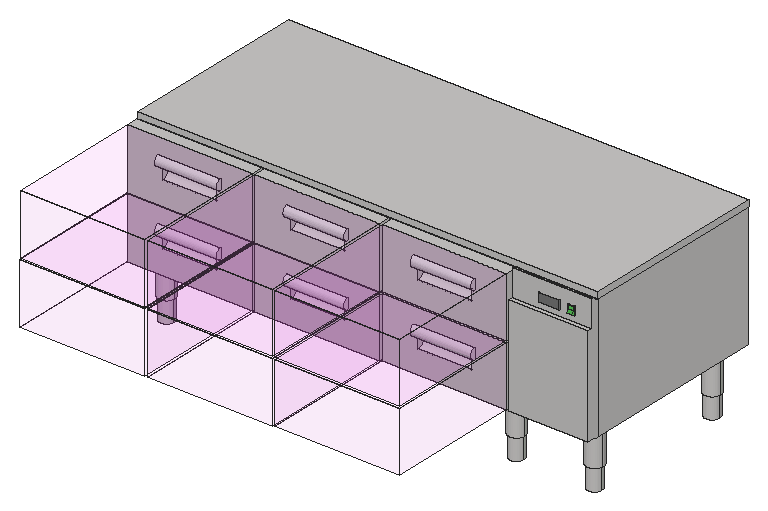
Revit family "QF_ZANUSSI_372296_Z7TTBECOMKN", category Specialty Equipment, Revit 2021
Family settings
  Round Connector Dimension = Use Diameter
  Part Type = Normal
  Work Plane-Based = No
  Always vertical = Yes
  Cut with Voids When Loaded = No
  Shared = No
  Room Calculation Point = No
Parameters (values of type "Standard")
  Weight = 110.00 kg
  Watts = 0 W
  Volts = 220 V
  URL Manufacturer = "http://www.zanussiprofessional.com"
  URL = "http://www.zanussiprofessional.com"
  Steam Supply Size = 0 mm
  Steam Supply Minimum Pressure = 0.0 Pa
  Steam Supply Maximum Pressure = 0.0 Pa
  Steam Pounds per Hour = 0
  Show Clearance [instance] = yes
  Refrigeration Suction Line Size = 0 mm
  Refrigeration Liquid Line Size = 0 mm
  Refrigerant Compressor Remote = yes
  Manufacturer = "Zanussi"
  Phase = 1
  Model = "Z7TTBECOMKN"
  Length Actual = 1600 mm
  Item Number = "372296"
  Hot Water Size = 0 mm
  Height Actual = 600 mm
  HP = "0.5 HP"
  Gas Size = 0 mm
  Gas KW = 0
  Gas Input Pressure = 0 W
  Direct Waste Size = 0 mm
  Description = "REFRIGERATED BASE WITH 6 DRAWERS 1600MM - R290"
  Depth Actual = 700 mm
  Default Elevation = 0 mm
  Cycle = 50 Hz
  Condensate Return Size = 0 mm
  Compressed Air Volume = 0.0 L/s
  Compressed Air Size = 0 mm
  Compressed Air Pressure = 0.0 Pa
  Cold Water Size = 0 mm
  Accessory = no
Reference planes
  plane 1 "Center X": y = -65.55
  plane 2: z = 0
  plane 3 "Centro (Sinistra/Destra)": x = -200
  plane 4: y = -315.05
  plane 5: y = 194.95
  plane 6 "BACK": y = 282.95
  plane 7 "FRONT": y = -414.05
  plane 8: y = -881.83
  plane 9: x = -944
  plane 10: x = 544
  plane 11: y = -369.551
  plane 12: z = 200
  plane 13 "TOP": z = 630
  plane 14 "LEFT": x = -1000
  plane 15 "RIGHT": x = 600
  plane 16: x = 272
Forms (mm)
  Extrusion 1, solid, material "QF_Finishes_Stainless Steel"
    sketch origin (-1022.223, -1524, 200) x (-1, 0, 0) y (0, -1, 0)
      loop
        line (-23.223, -1806.95) -> (-23.223, -1154.449) -> (-1621.223, -1154.449) -> (-1621.223, -1806.95) -> (-23.223, -1806.95)
    from 0 to 430
  Extrusion 2, solid, material "QF_Finishes_Stainless Steel"
    sketch origin (-1022.223, -1524, 200) x (-1, 0, 0) y (0, -1, 0)
      loop
        circle (-1581.223, -1646.95) r 12
    from -10 to 0
  Extrusion 3, solid, material "QF_Finishes_Stainless Steel"
    sketch origin (-599, 0, -5) x (0, 1, 0) y (0, 0, 1)
      loop
        line (-369.551, 635) -> (282.95, 635) -> (282.95, 655) -> (-369.551, 655) -> (-369.551, 635)
    from 1198 to -400
  Extrusion 4, solid, material "QF_Finishes_Stainless Steel"
    sketch origin (599, 0, 0) x (0, 1, 0) y (0, 0, 1)
      loop
        line (-369.551, 629.527) -> (-386.314, 640.994) -> (-397.65, 640.994) -> (-397.65, 549.796) -> (-414.05, 549.796) -> (-414.05, 204.796) -> (-384.714, 204.796) -> (-374.993, 200) -> (-369.551, 200) -> (-369.551, 629.527)
    from 0 to -275
  Extrusion 5, solid, material "QF_Finishes_Black"
    sketch origin (605.8, -397.65, 630.994) x (0, 0, -1) y (1, 0, 0)
      loop
        line (32.198, -86.899) -> (61.199, -86.899) -> (61.199, -64.9) -> (32.198, -64.9) -> (32.198, -86.899)
    from 0 to 1.6
  Extrusion 6, solid, material "QF_Finishes_Grey"
    sketch origin (627, -397.65, 630.994) x (0, 0, -1) y (1, 0, 0)
      loop
        line (32.198, -210.099) -> (61.199, -210.099) -> (61.199, -140.099) -> (32.198, -140.099) -> (32.198, -210.099)
    from 0 to 1.6
  Extrusion 7, solid, material "QF_Finishes_Green"
    sketch origin (540.9, -397.65, 598.796) x (0, 0, -1) y (0, 1, 0)
      loop
        line (2.279, -3.281) -> (14.5, -3.281) -> (25.308, -8.985)
        arc (25.308, -8.985) -> (26.537, -5.394) -> (26.605, -1.6) r 12.221
        line (26.605, -1.6) -> (2.395, -1.6)
        arc (2.395, -1.6) -> (2.308, -2.439) -> (2.279, -3.281) r 12.221
    from -20 to -2
  Extrusion 8, solid, material "QF_Finishes_Handrails and Railings"
    sketch origin (-798.028, -157.946, 1924.198) x (0, 0.885087, 0.465426) y (0, -0.465426, 0.885087)
      loop
        arc (-854.629, -1074.965) -> (-878.641, -1082.427) -> (-871.18, -1106.439) r 17.78
        line (-871.18, -1106.439) -> (-854.629, -1074.965)
    from -93.472 to 121.528
  Extrusion 9, solid, material "QF_Finishes_Stainless Steel"
    sketch origin (-998.053, 285.95, 14.715) x (0, 1, 0) y (0, 0, 1)
      loop
        line (-700, 486.991) -> (-660.001, 486.991) -> (-660.001, 530.285) -> (-678.147, 530.285) -> (-678.147, 511.464)
        arc (-678.147, 511.464) -> (-684.405, 495.059) -> (-700, 486.991) r 24.63
    from 118.753 to 309.354
  Extrusion 10, solid, material "QF_Finishes_Handrails and Railings"
    sketch origin (-356.028, -157.946, 1924.198) x (0, 0.885087, 0.465426) y (0, -0.465426, 0.885087)
      loop
        arc (-854.629, -1074.965) -> (-878.641, -1082.427) -> (-871.18, -1106.439) r 17.78
        line (-871.18, -1106.439) -> (-854.629, -1074.965)
    from -89.472 to 121.528
  Extrusion 11, solid, material "QF_Finishes_Stainless Steel"
    sketch origin (-556.053, 285.95, 14.715) x (0, 1, 0) y (0, 0, 1)
      loop
        line (-700, 486.991) -> (-660.001, 486.991) -> (-660.001, 530.285) -> (-678.147, 530.285) -> (-678.147, 511.464)
        arc (-678.147, 511.464) -> (-684.405, 495.059) -> (-700, 486.991) r 24.63
    from 122.753 to 309.354
  Extrusion 12, solid, material "QF_Finishes_Stainless Steel"
    sketch origin (-404, -414.05, 0) x (-1, 0, 0) y (0, 0, 1)
      loop
        line (595, 629.2) -> (160.999, 629.2) -> (160.999, 418.503) -> (595, 418.503) -> (595, 629.2)
      loop
        line (153, 629.2) -> (-281, 629.2) -> (-281, 418.9) -> (153, 418.9) -> (153, 629.2)
      loop
        line (475.3, 501.706) -> (475.3, 545) -> (284.699, 545) -> (284.699, 501.706) -> (475.3, 501.706)
      loop
        line (29.3, 501.706) -> (29.3, 545) -> (-157.301, 545) -> (-157.301, 501.706) -> (29.3, 501.706)
      loop
        line (-288.999, 629.2) -> (-722.999, 629.2) -> (-722.999, 418.9) -> (-288.999, 418.9) -> (-288.999, 629.2)
      loop
        line (-412.699, 501.706) -> (-412.699, 545) -> (-599.3, 545) -> (-599.3, 501.706) -> (-412.699, 501.706)
    from 0 to 40
  Extrusion 13, solid, material "QF_Finishes_Handrails and Railings"
    sketch origin (-798.028, -157.946, 1709.198) x (0, 0.885087, 0.465426) y (0, -0.465426, 0.885087)
      loop
        arc (-854.629, -1074.965) -> (-878.641, -1082.427) -> (-871.18, -1106.439) r 17.78
        line (-871.18, -1106.439) -> (-854.629, -1074.965)
    from -93.472 to 121.528
  Extrusion 14, solid, material "QF_Finishes_Stainless Steel"
    sketch origin (-998.053, 285.95, -200.285) x (0, 1, 0) y (0, 0, 1)
      loop
        line (-700, 486.991) -> (-660.001, 486.991) -> (-660.001, 530.285) -> (-678.147, 530.285) -> (-678.147, 511.464)
        arc (-678.147, 511.464) -> (-684.405, 495.059) -> (-700, 486.991) r 24.63
    from 118.753 to 309.354
  Extrusion 15, solid, material "QF_Finishes_Handrails and Railings"
    sketch origin (-356.028, -157.946, 1709.198) x (0, 0.885087, 0.465426) y (0, -0.465426, 0.885087)
      loop
        arc (-854.629, -1074.965) -> (-878.641, -1082.427) -> (-871.18, -1106.439) r 17.78
        line (-871.18, -1106.439) -> (-854.629, -1074.965)
    from -89.472 to 121.528
  Extrusion 16, solid, material "QF_Finishes_Stainless Steel"
    sketch origin (-556.053, 285.95, -200.285) x (0, 1, 0) y (0, 0, 1)
      loop
        line (-700, 486.991) -> (-660.001, 486.991) -> (-660.001, 530.285) -> (-678.147, 530.285) -> (-678.147, 511.464)
        arc (-678.147, 511.464) -> (-684.405, 495.059) -> (-700, 486.991) r 24.63
    from 122.753 to 309.354
  Extrusion 17, solid, material "QF_Door-Drawer Clearances", visible <- "Show Clearance"
    sketch origin (-204, -414.05, -215) x (1, 0, 0) y (0, 0, 1)
      loop
        line (-795, 629.2) -> (-795, 418.503) -> (-360.999, 418.503) -> (-360.999, 629.2) -> (-795, 629.2)
      loop
        line (-353, 629.2) -> (-353, 418.9) -> (81, 418.9) -> (81, 629.2) -> (-353, 629.2)
      loop
        line (88.999, 629.2) -> (88.999, 418.9) -> (522.999, 418.9) -> (522.999, 629.2) -> (88.999, 629.2)
      loop
        line (-795, 844.2) -> (-795, 633.503) -> (-360.999, 633.503) -> (-360.999, 844.2) -> (-795, 844.2)
      loop
        line (-353, 844.2) -> (-353, 633.9) -> (81, 633.9) -> (81, 844.2) -> (-353, 844.2)
      loop
        line (88.999, 844.2) -> (88.999, 633.9) -> (522.999, 633.9) -> (522.999, 844.2) -> (88.999, 844.2)
    from 0 to 467.78
  Extrusion 18, solid, material "QF_Finishes_Stainless Steel"
    sketch origin (-404, -414.05, -215) x (-1, 0, 0) y (0, 0, 1)
      loop
        line (595, 629.2) -> (160.999, 629.2) -> (160.999, 418.503) -> (595, 418.503) -> (595, 629.2)
      loop
        line (153, 629.2) -> (-281, 629.2) -> (-281, 418.9) -> (153, 418.9) -> (153, 629.2)
      loop
        line (475.3, 501.706) -> (475.3, 545) -> (284.699, 545) -> (284.699, 501.706) -> (475.3, 501.706)
      loop
        line (29.3, 501.706) -> (29.3, 545) -> (-157.301, 545) -> (-157.301, 501.706) -> (29.3, 501.706)
      loop
        line (-288.999, 629.2) -> (-722.999, 629.2) -> (-722.999, 418.9) -> (-288.999, 418.9) -> (-288.999, 629.2)
      loop
        line (-412.699, 501.706) -> (-412.699, 545) -> (-599.3, 545) -> (-599.3, 501.706) -> (-412.699, 501.706)
    from 0 to 40
  Extrusion 19, solid, material "QF_Finishes_Handrails and Railings"
    sketch origin (85.971, -157.946, 1924.198) x (0, 0.885087, 0.465426) y (0, -0.465426, 0.885087)
      loop
        arc (-854.629, -1074.965) -> (-878.641, -1082.427) -> (-871.18, -1106.439) r 17.78
        line (-871.18, -1106.439) -> (-854.629, -1074.965)
    from -89.472 to 121.528
  Extrusion 20, solid, material "QF_Finishes_Stainless Steel"
    sketch origin (-114.054, 285.95, 14.715) x (0, 1, 0) y (0, 0, 1)
      loop
        line (-700, 486.991) -> (-660.001, 486.991) -> (-660.001, 530.285) -> (-678.147, 530.285) -> (-678.147, 511.464)
        arc (-678.147, 511.464) -> (-684.405, 495.059) -> (-700, 486.991) r 24.63
    from 122.753 to 309.354
  Extrusion 21, solid, material "QF_Finishes_Handrails and Railings"
    sketch origin (85.971, -157.946, 1709.198) x (0, 0.885087, 0.465426) y (0, -0.465426, 0.885087)
      loop
        arc (-854.629, -1074.965) -> (-878.641, -1082.427) -> (-871.18, -1106.439) r 17.78
        line (-871.18, -1106.439) -> (-854.629, -1074.965)
    from -89.472 to 121.528
  Extrusion 22, solid, material "QF_Finishes_Stainless Steel"
    sketch origin (-114.054, 285.95, -200.285) x (0, 1, 0) y (0, 0, 1)
      loop
        line (-700, 486.991) -> (-660.001, 486.991) -> (-660.001, 530.285) -> (-678.147, 530.285) -> (-678.147, 511.464)
        arc (-678.147, 511.464) -> (-684.405, 495.059) -> (-700, 486.991) r 24.63
    from 122.753 to 309.354
Lines and regions (mm)
  Split face 1
    outline origin (627, -399.25, 630.994) x (0, 0, -1) y (1, 0, 0)
      loop
        line (37.198, -200.099) -> (52.198, -200.099) -> (52.198, -150.099) -> (37.198, -150.099) -> (37.198, -200.099)
  Split face 2
    outline origin (627, -399.25, 630.994) x (0, 0, -1) y (1, 0, 0)
      loop
        line (59.151, -200.099) -> (59.151, -189.099) -> (54.151, -189.099) -> (54.151, -200.099) -> (59.151, -200.099)
  Split face 3
    outline origin (627, -399.25, 630.994) x (0, 0, -1) y (1, 0, 0)
      loop
        line (54.151, -187.099) -> (59.151, -187.099) -> (59.151, -176.099) -> (54.151, -176.099) -> (54.151, -187.099)
  Split face 4
    outline origin (640, -399.25, 630.994) x (0, 0, -1) y (1, 0, 0)
      loop
        line (54.151, -187.099) -> (59.151, -187.099) -> (59.151, -176.099) -> (54.151, -176.099) -> (54.151, -187.099)
  Split face 5
    outline origin (653, -399.25, 630.994) x (0, 0, -1) y (1, 0, 0)
      loop
        line (54.151, -187.099) -> (59.151, -187.099) -> (59.151, -176.099) -> (54.151, -176.099) -> (54.151, -187.099)
  Split face 6
    outline origin (304.5, -414.05, 713.499) x (1, 0, 0) y (0, 0, 1)
      loop
        arc (90.48, -282.599) -> (94.5, -278.61) -> (90.5, -274.599) r 4
        line (90.5, -274.599) -> (58.5, -274.599)
        arc (58.5, -274.599) -> (54.5, -278.61) -> (58.521, -282.599) r 4
        line (58.521, -282.599) -> (90.48, -282.599)
  Split face 7
    outline origin (304.5, -414.05, 725.499) x (1, 0, 0) y (0, 0, 1)
      loop
        arc (90.48, -282.599) -> (94.5, -278.61) -> (90.5, -274.599) r 4
        line (90.5, -274.599) -> (58.5, -274.599)
        arc (58.5, -274.599) -> (54.5, -278.61) -> (58.521, -282.599) r 4
        line (58.521, -282.599) -> (90.48, -282.599)
  Split face 8
    outline origin (304.5, -414.05, 737.499) x (1, 0, 0) y (0, 0, 1)
      loop
        arc (90.48, -282.599) -> (94.5, -278.61) -> (90.5, -274.599) r 4
        line (90.5, -274.599) -> (58.5, -274.599)
        arc (58.5, -274.599) -> (54.5, -278.61) -> (58.521, -282.599) r 4
        line (58.521, -282.599) -> (90.48, -282.599)
  Split face 9
    outline origin (304.5, -414.05, 749.396) x (1, 0, 0) y (0, 0, 1)
      loop
        arc (90.48, -282.599) -> (94.5, -278.61) -> (90.5, -274.599) r 4
        line (90.5, -274.599) -> (58.5, -274.599)
        arc (58.5, -274.599) -> (54.5, -278.61) -> (58.521, -282.599) r 4
        line (58.521, -282.599) -> (90.48, -282.599)
  Split face 10
    outline origin (304.5, -414.05, 761.395) x (1, 0, 0) y (0, 0, 1)
      loop
        arc (90.48, -282.599) -> (94.5, -278.61) -> (90.5, -274.599) r 4
        line (90.5, -274.599) -> (58.5, -274.599)
        arc (58.5, -274.599) -> (54.5, -278.61) -> (58.521, -282.599) r 4
        line (58.521, -282.599) -> (90.48, -282.599)
  Split face 11
    outline origin (304.5, -414.05, 773.395) x (1, 0, 0) y (0, 0, 1)
      loop
        arc (90.48, -282.599) -> (94.5, -278.61) -> (90.5, -274.599) r 4
        line (90.5, -274.599) -> (58.5, -274.599)
        arc (58.5, -274.599) -> (54.5, -278.61) -> (58.521, -282.599) r 4
        line (58.521, -282.599) -> (90.48, -282.599)
  Split face 12
    outline origin (304.5, -414.05, 785.395) x (1, 0, 0) y (0, 0, 1)
      loop
        arc (90.48, -282.599) -> (94.5, -278.61) -> (90.5, -274.599) r 4
        line (90.5, -274.599) -> (58.5, -274.599)
        arc (58.5, -274.599) -> (54.5, -278.61) -> (58.521, -282.599) r 4
        line (58.521, -282.599) -> (90.48, -282.599)
  Split face 13
    outline origin (304.5, -414.05, 797.395) x (1, 0, 0) y (0, 0, 1)
      loop
        arc (90.48, -282.599) -> (94.5, -278.61) -> (90.5, -274.599) r 4
        line (90.5, -274.599) -> (58.5, -274.599)
        arc (58.5, -274.599) -> (54.5, -278.61) -> (58.521, -282.599) r 4
        line (58.521, -282.599) -> (90.48, -282.599)
  Split face 14
    outline origin (304.5, -414.05, 809.395) x (1, 0, 0) y (0, 0, 1)
      loop
        arc (90.48, -282.599) -> (94.5, -278.61) -> (90.5, -274.599) r 4
        line (90.5, -274.599) -> (58.5, -274.599)
        arc (58.5, -274.599) -> (54.5, -278.61) -> (58.521, -282.599) r 4
        line (58.521, -282.599) -> (90.48, -282.599)
  Split face 15
    outline origin (304.5, -414.05, 701.499) x (1, 0, 0) y (0, 0, 1)
      loop
        arc (90.48, -282.599) -> (94.5, -278.61) -> (90.5, -274.599) r 4
        line (90.5, -274.599) -> (58.5, -274.599)
        arc (58.5, -274.599) -> (54.5, -278.61) -> (58.521, -282.599) r 4
        line (58.521, -282.599) -> (90.48, -282.599)
  Split face 16
    outline origin (304.5, -414.05, 605.603) x (1, 0, 0) y (0, 0, 1)
      loop
        arc (90.48, -282.599) -> (94.5, -278.61) -> (90.5, -274.599) r 4
        line (90.5, -274.599) -> (58.5, -274.599)
        arc (58.5, -274.599) -> (54.5, -278.61) -> (58.521, -282.599) r 4
        line (58.521, -282.599) -> (90.48, -282.599)
  Split face 17
    outline origin (304.5, -414.05, 617.603) x (1, 0, 0) y (0, 0, 1)
      loop
        arc (90.48, -282.599) -> (94.5, -278.61) -> (90.5, -274.599) r 4
        line (90.5, -274.599) -> (58.5, -274.599)
        arc (58.5, -274.599) -> (54.5, -278.61) -> (58.521, -282.599) r 4
        line (58.521, -282.599) -> (90.48, -282.599)
  Split face 18
    outline origin (304.5, -414.05, 629.602) x (1, 0, 0) y (0, 0, 1)
      loop
        arc (90.48, -282.599) -> (94.5, -278.61) -> (90.5, -274.599) r 4
        line (90.5, -274.599) -> (58.5, -274.599)
        arc (58.5, -274.599) -> (54.5, -278.61) -> (58.521, -282.599) r 4
        line (58.521, -282.599) -> (90.48, -282.599)
  Split face 19
    outline origin (304.5, -414.05, 677.499) x (1, 0, 0) y (0, 0, 1)
      loop
        arc (90.48, -282.599) -> (94.5, -278.61) -> (90.5, -274.599) r 4
        line (90.5, -274.599) -> (58.5, -274.599)
        arc (58.5, -274.599) -> (54.5, -278.61) -> (58.521, -282.599) r 4
        line (58.521, -282.599) -> (90.48, -282.599)
  Split face 20
    outline origin (304.5, -414.05, 689.499) x (1, 0, 0) y (0, 0, 1)
      loop
        arc (90.48, -282.599) -> (94.5, -278.61) -> (90.5, -274.599) r 4
        line (90.5, -274.599) -> (58.5, -274.599)
        arc (58.5, -274.599) -> (54.5, -278.61) -> (58.521, -282.599) r 4
        line (58.521, -282.599) -> (90.48, -282.599)
  Split face 21
    outline origin (304.5, -414.05, 593.603) x (1, 0, 0) y (0, 0, 1)
      loop
        arc (90.48, -282.599) -> (94.5, -278.61) -> (90.5, -274.599) r 4
        line (90.5, -274.599) -> (58.5, -274.599)
        arc (58.5, -274.599) -> (54.5, -278.61) -> (58.521, -282.599) r 4
        line (58.521, -282.599) -> (90.48, -282.599)
  Split face 22
    outline origin (304.5, -414.05, 497.707) x (1, 0, 0) y (0, 0, 1)
      loop
        arc (90.48, -282.599) -> (94.5, -278.61) -> (90.5, -274.599) r 4
        line (90.5, -274.599) -> (58.5, -274.599)
        arc (58.5, -274.599) -> (54.5, -278.61) -> (58.521, -282.599) r 4
        line (58.521, -282.599) -> (90.48, -282.599)
  Split face 23
    outline origin (304.5, -414.05, 509.707) x (1, 0, 0) y (0, 0, 1)
      loop
        arc (90.48, -282.599) -> (94.5, -278.61) -> (90.5, -274.599) r 4
        line (90.5, -274.599) -> (58.5, -274.599)
        arc (58.5, -274.599) -> (54.5, -278.61) -> (58.521, -282.599) r 4
        line (58.521, -282.599) -> (90.48, -282.599)
  Split face 24
    outline origin (304.5, -414.05, 521.706) x (1, 0, 0) y (0, 0, 1)
      loop
        arc (90.48, -282.599) -> (94.5, -278.61) -> (90.5, -274.599) r 4
        line (90.5, -274.599) -> (58.5, -274.599)
        arc (58.5, -274.599) -> (54.5, -278.61) -> (58.521, -282.599) r 4
        line (58.521, -282.599) -> (90.48, -282.599)
  Split face 25
    outline origin (304.5, -414.05, 533.604) x (1, 0, 0) y (0, 0, 1)
      loop
        arc (90.48, -282.599) -> (94.5, -278.61) -> (90.5, -274.599) r 4
        line (90.5, -274.599) -> (58.5, -274.599)
        arc (58.5, -274.599) -> (54.5, -278.61) -> (58.521, -282.599) r 4
        line (58.521, -282.599) -> (90.48, -282.599)
  Split face 26
    outline origin (304.5, -414.05, 545.603) x (1, 0, 0) y (0, 0, 1)
      loop
        arc (90.48, -282.599) -> (94.5, -278.61) -> (90.5, -274.599) r 4
        line (90.5, -274.599) -> (58.5, -274.599)
        arc (58.5, -274.599) -> (54.5, -278.61) -> (58.521, -282.599) r 4
        line (58.521, -282.599) -> (90.48, -282.599)
  Split face 27
    outline origin (304.5, -414.05, 557.603) x (1, 0, 0) y (0, 0, 1)
      loop
        arc (90.48, -282.599) -> (94.5, -278.61) -> (90.5, -274.599) r 4
        line (90.5, -274.599) -> (58.5, -274.599)
        arc (58.5, -274.599) -> (54.5, -278.61) -> (58.521, -282.599) r 4
        line (58.521, -282.599) -> (90.48, -282.599)
  Split face 28
    outline origin (304.5, -414.05, 569.603) x (1, 0, 0) y (0, 0, 1)
      loop
        arc (90.48, -282.599) -> (94.5, -278.61) -> (90.5, -274.599) r 4
        line (90.5, -274.599) -> (58.5, -274.599)
        arc (58.5, -274.599) -> (54.5, -278.61) -> (58.521, -282.599) r 4
        line (58.521, -282.599) -> (90.48, -282.599)
  Split face 29
    outline origin (304.5, -414.05, 581.603) x (1, 0, 0) y (0, 0, 1)
      loop
        arc (90.48, -282.599) -> (94.5, -278.61) -> (90.5, -274.599) r 4
        line (90.5, -274.599) -> (58.5, -274.599)
        arc (58.5, -274.599) -> (54.5, -278.61) -> (58.521, -282.599) r 4
        line (58.521, -282.599) -> (90.48, -282.599)
  Split face 30
    outline origin (359.5, -414.05, 713.499) x (1, 0, 0) y (0, 0, 1)
      loop
        arc (90.48, -282.599) -> (94.5, -278.61) -> (90.5, -274.599) r 4
        line (90.5, -274.599) -> (58.5, -274.599)
        arc (58.5, -274.599) -> (54.5, -278.61) -> (58.521, -282.599) r 4
        line (58.521, -282.599) -> (90.48, -282.599)
  Split face 31
    outline origin (359.5, -414.05, 725.499) x (1, 0, 0) y (0, 0, 1)
      loop
        arc (90.48, -282.599) -> (94.5, -278.61) -> (90.5, -274.599) r 4
        line (90.5, -274.599) -> (58.5, -274.599)
        arc (58.5, -274.599) -> (54.5, -278.61) -> (58.521, -282.599) r 4
        line (58.521, -282.599) -> (90.48, -282.599)
  Split face 32
    outline origin (359.5, -414.05, 737.499) x (1, 0, 0) y (0, 0, 1)
      loop
        arc (90.48, -282.599) -> (94.5, -278.61) -> (90.5, -274.599) r 4
        line (90.5, -274.599) -> (58.5, -274.599)
        arc (58.5, -274.599) -> (54.5, -278.61) -> (58.521, -282.599) r 4
        line (58.521, -282.599) -> (90.48, -282.599)
  Split face 33
    outline origin (359.5, -414.05, 749.396) x (1, 0, 0) y (0, 0, 1)
      loop
        arc (90.48, -282.599) -> (94.5, -278.61) -> (90.5, -274.599) r 4
        line (90.5, -274.599) -> (58.5, -274.599)
        arc (58.5, -274.599) -> (54.5, -278.61) -> (58.521, -282.599) r 4
        line (58.521, -282.599) -> (90.48, -282.599)
  Split face 34
    outline origin (359.5, -414.05, 761.395) x (1, 0, 0) y (0, 0, 1)
      loop
        arc (90.48, -282.599) -> (94.5, -278.61) -> (90.5, -274.599) r 4
        line (90.5, -274.599) -> (58.5, -274.599)
        arc (58.5, -274.599) -> (54.5, -278.61) -> (58.521, -282.599) r 4
        line (58.521, -282.599) -> (90.48, -282.599)
  Split face 35
    outline origin (359.5, -414.05, 773.395) x (1, 0, 0) y (0, 0, 1)
      loop
        arc (90.48, -282.599) -> (94.5, -278.61) -> (90.5, -274.599) r 4
        line (90.5, -274.599) -> (58.5, -274.599)
        arc (58.5, -274.599) -> (54.5, -278.61) -> (58.521, -282.599) r 4
        line (58.521, -282.599) -> (90.48, -282.599)
  Split face 36
    outline origin (359.5, -414.05, 785.395) x (1, 0, 0) y (0, 0, 1)
      loop
        arc (90.48, -282.599) -> (94.5, -278.61) -> (90.5, -274.599) r 4
        line (90.5, -274.599) -> (58.5, -274.599)
        arc (58.5, -274.599) -> (54.5, -278.61) -> (58.521, -282.599) r 4
        line (58.521, -282.599) -> (90.48, -282.599)
  Split face 37
    outline origin (359.5, -414.05, 797.395) x (1, 0, 0) y (0, 0, 1)
      loop
        arc (90.48, -282.599) -> (94.5, -278.61) -> (90.5, -274.599) r 4
        line (90.5, -274.599) -> (58.5, -274.599)
        arc (58.5, -274.599) -> (54.5, -278.61) -> (58.521, -282.599) r 4
        line (58.521, -282.599) -> (90.48, -282.599)
  Split face 38
    outline origin (359.5, -414.05, 809.395) x (1, 0, 0) y (0, 0, 1)
      loop
        arc (90.48, -282.599) -> (94.5, -278.61) -> (90.5, -274.599) r 4
        line (90.5, -274.599) -> (58.5, -274.599)
        arc (58.5, -274.599) -> (54.5, -278.61) -> (58.521, -282.599) r 4
        line (58.521, -282.599) -> (90.48, -282.599)
  Split face 39
    outline origin (359.5, -414.05, 701.499) x (1, 0, 0) y (0, 0, 1)
      loop
        arc (90.48, -282.599) -> (94.5, -278.61) -> (90.5, -274.599) r 4
        line (90.5, -274.599) -> (58.5, -274.599)
        arc (58.5, -274.599) -> (54.5, -278.61) -> (58.521, -282.599) r 4
        line (58.521, -282.599) -> (90.48, -282.599)
  Split face 40
    outline origin (359.5, -414.05, 605.603) x (1, 0, 0) y (0, 0, 1)
      loop
        arc (90.48, -282.599) -> (94.5, -278.61) -> (90.5, -274.599) r 4
        line (90.5, -274.599) -> (58.5, -274.599)
        arc (58.5, -274.599) -> (54.5, -278.61) -> (58.521, -282.599) r 4
        line (58.521, -282.599) -> (90.48, -282.599)
  Split face 41
    outline origin (359.5, -414.05, 617.603) x (1, 0, 0) y (0, 0, 1)
      loop
        arc (90.48, -282.599) -> (94.5, -278.61) -> (90.5, -274.599) r 4
        line (90.5, -274.599) -> (58.5, -274.599)
        arc (58.5, -274.599) -> (54.5, -278.61) -> (58.521, -282.599) r 4
        line (58.521, -282.599) -> (90.48, -282.599)
  Split face 42
    outline origin (359.5, -414.05, 629.602) x (1, 0, 0) y (0, 0, 1)
      loop
        arc (90.48, -282.599) -> (94.5, -278.61) -> (90.5, -274.599) r 4
        line (90.5, -274.599) -> (58.5, -274.599)
        arc (58.5, -274.599) -> (54.5, -278.61) -> (58.521, -282.599) r 4
        line (58.521, -282.599) -> (90.48, -282.599)
  Split face 43
    outline origin (359.5, -414.05, 677.499) x (1, 0, 0) y (0, 0, 1)
      loop
        arc (90.48, -282.599) -> (94.5, -278.61) -> (90.5, -274.599) r 4
        line (90.5, -274.599) -> (58.5, -274.599)
        arc (58.5, -274.599) -> (54.5, -278.61) -> (58.521, -282.599) r 4
        line (58.521, -282.599) -> (90.48, -282.599)
  Split face 44
    outline origin (359.5, -414.05, 689.499) x (1, 0, 0) y (0, 0, 1)
      loop
        arc (90.48, -282.599) -> (94.5, -278.61) -> (90.5, -274.599) r 4
        line (90.5, -274.599) -> (58.5, -274.599)
        arc (58.5, -274.599) -> (54.5, -278.61) -> (58.521, -282.599) r 4
        line (58.521, -282.599) -> (90.48, -282.599)
  Split face 45
    outline origin (359.5, -414.05, 593.603) x (1, 0, 0) y (0, 0, 1)
      loop
        arc (90.48, -282.599) -> (94.5, -278.61) -> (90.5, -274.599) r 4
        line (90.5, -274.599) -> (58.5, -274.599)
        arc (58.5, -274.599) -> (54.5, -278.61) -> (58.521, -282.599) r 4
        line (58.521, -282.599) -> (90.48, -282.599)
  Split face 46
    outline origin (359.5, -414.05, 497.707) x (1, 0, 0) y (0, 0, 1)
      loop
        arc (90.48, -282.599) -> (94.5, -278.61) -> (90.5, -274.599) r 4
        line (90.5, -274.599) -> (58.5, -274.599)
        arc (58.5, -274.599) -> (54.5, -278.61) -> (58.521, -282.599) r 4
        line (58.521, -282.599) -> (90.48, -282.599)
  Split face 47
    outline origin (359.5, -414.05, 509.707) x (1, 0, 0) y (0, 0, 1)
      loop
        arc (90.48, -282.599) -> (94.5, -278.61) -> (90.5, -274.599) r 4
        line (90.5, -274.599) -> (58.5, -274.599)
        arc (58.5, -274.599) -> (54.5, -278.61) -> (58.521, -282.599) r 4
        line (58.521, -282.599) -> (90.48, -282.599)
  Split face 48
    outline origin (359.5, -414.05, 521.706) x (1, 0, 0) y (0, 0, 1)
      loop
        arc (90.48, -282.599) -> (94.5, -278.61) -> (90.5, -274.599) r 4
        line (90.5, -274.599) -> (58.5, -274.599)
        arc (58.5, -274.599) -> (54.5, -278.61) -> (58.521, -282.599) r 4
        line (58.521, -282.599) -> (90.48, -282.599)
  Split face 49
    outline origin (359.5, -414.05, 533.604) x (1, 0, 0) y (0, 0, 1)
      loop
        arc (90.48, -282.599) -> (94.5, -278.61) -> (90.5, -274.599) r 4
        line (90.5, -274.599) -> (58.5, -274.599)
        arc (58.5, -274.599) -> (54.5, -278.61) -> (58.521, -282.599) r 4
        line (58.521, -282.599) -> (90.48, -282.599)
  Split face 50
    outline origin (359.5, -414.05, 545.603) x (1, 0, 0) y (0, 0, 1)
      loop
        arc (90.48, -282.599) -> (94.5, -278.61) -> (90.5, -274.599) r 4
        line (90.5, -274.599) -> (58.5, -274.599)
        arc (58.5, -274.599) -> (54.5, -278.61) -> (58.521, -282.599) r 4
        line (58.521, -282.599) -> (90.48, -282.599)
  Split face 51
    outline origin (359.5, -414.05, 557.603) x (1, 0, 0) y (0, 0, 1)
      loop
        arc (90.48, -282.599) -> (94.5, -278.61) -> (90.5, -274.599) r 4
        line (90.5, -274.599) -> (58.5, -274.599)
        arc (58.5, -274.599) -> (54.5, -278.61) -> (58.521, -282.599) r 4
        line (58.521, -282.599) -> (90.48, -282.599)
  Split face 52
    outline origin (359.5, -414.05, 569.603) x (1, 0, 0) y (0, 0, 1)
      loop
        arc (90.48, -282.599) -> (94.5, -278.61) -> (90.5, -274.599) r 4
        line (90.5, -274.599) -> (58.5, -274.599)
        arc (58.5, -274.599) -> (54.5, -278.61) -> (58.521, -282.599) r 4
        line (58.521, -282.599) -> (90.48, -282.599)
  Split face 53
    outline origin (359.5, -414.05, 581.603) x (1, 0, 0) y (0, 0, 1)
      loop
        arc (90.48, -282.599) -> (94.5, -278.61) -> (90.5, -274.599) r 4
        line (90.5, -274.599) -> (58.5, -274.599)
        arc (58.5, -274.599) -> (54.5, -278.61) -> (58.521, -282.599) r 4
        line (58.521, -282.599) -> (90.48, -282.599)
  Split face 54
    outline origin (414.5, -414.05, 713.499) x (1, 0, 0) y (0, 0, 1)
      loop
        arc (90.48, -282.599) -> (94.5, -278.61) -> (90.5, -274.599) r 4
        line (90.5, -274.599) -> (58.5, -274.599)
        arc (58.5, -274.599) -> (54.5, -278.61) -> (58.521, -282.599) r 4
        line (58.521, -282.599) -> (90.48, -282.599)
  Split face 55
    outline origin (414.5, -414.05, 725.499) x (1, 0, 0) y (0, 0, 1)
      loop
        arc (90.48, -282.599) -> (94.5, -278.61) -> (90.5, -274.599) r 4
        line (90.5, -274.599) -> (58.5, -274.599)
        arc (58.5, -274.599) -> (54.5, -278.61) -> (58.521, -282.599) r 4
        line (58.521, -282.599) -> (90.48, -282.599)
  Split face 56
    outline origin (414.5, -414.05, 737.499) x (1, 0, 0) y (0, 0, 1)
      loop
        arc (90.48, -282.599) -> (94.5, -278.61) -> (90.5, -274.599) r 4
        line (90.5, -274.599) -> (58.5, -274.599)
        arc (58.5, -274.599) -> (54.5, -278.61) -> (58.521, -282.599) r 4
        line (58.521, -282.599) -> (90.48, -282.599)
  Split face 57
    outline origin (414.5, -414.05, 749.396) x (1, 0, 0) y (0, 0, 1)
      loop
        arc (90.48, -282.599) -> (94.5, -278.61) -> (90.5, -274.599) r 4
        line (90.5, -274.599) -> (58.5, -274.599)
        arc (58.5, -274.599) -> (54.5, -278.61) -> (58.521, -282.599) r 4
        line (58.521, -282.599) -> (90.48, -282.599)
  Split face 58
    outline origin (414.5, -414.05, 761.395) x (1, 0, 0) y (0, 0, 1)
      loop
        arc (90.48, -282.599) -> (94.5, -278.61) -> (90.5, -274.599) r 4
        line (90.5, -274.599) -> (58.5, -274.599)
        arc (58.5, -274.599) -> (54.5, -278.61) -> (58.521, -282.599) r 4
        line (58.521, -282.599) -> (90.48, -282.599)
  Split face 59
    outline origin (414.5, -414.05, 773.395) x (1, 0, 0) y (0, 0, 1)
      loop
        arc (90.48, -282.599) -> (94.5, -278.61) -> (90.5, -274.599) r 4
        line (90.5, -274.599) -> (58.5, -274.599)
        arc (58.5, -274.599) -> (54.5, -278.61) -> (58.521, -282.599) r 4
        line (58.521, -282.599) -> (90.48, -282.599)
  Split face 60
    outline origin (414.5, -414.05, 785.395) x (1, 0, 0) y (0, 0, 1)
      loop
        arc (90.48, -282.599) -> (94.5, -278.61) -> (90.5, -274.599) r 4
        line (90.5, -274.599) -> (58.5, -274.599)
        arc (58.5, -274.599) -> (54.5, -278.61) -> (58.521, -282.599) r 4
        line (58.521, -282.599) -> (90.48, -282.599)
  Split face 61
    outline origin (414.5, -414.05, 797.395) x (1, 0, 0) y (0, 0, 1)
      loop
        arc (90.48, -282.599) -> (94.5, -278.61) -> (90.5, -274.599) r 4
        line (90.5, -274.599) -> (58.5, -274.599)
        arc (58.5, -274.599) -> (54.5, -278.61) -> (58.521, -282.599) r 4
        line (58.521, -282.599) -> (90.48, -282.599)
  Split face 62
    outline origin (414.5, -414.05, 809.395) x (1, 0, 0) y (0, 0, 1)
      loop
        arc (90.48, -282.599) -> (94.5, -278.61) -> (90.5, -274.599) r 4
        line (90.5, -274.599) -> (58.5, -274.599)
        arc (58.5, -274.599) -> (54.5, -278.61) -> (58.521, -282.599) r 4
        line (58.521, -282.599) -> (90.48, -282.599)
  Split face 63
    outline origin (414.5, -414.05, 701.499) x (1, 0, 0) y (0, 0, 1)
      loop
        arc (90.48, -282.599) -> (94.5, -278.61) -> (90.5, -274.599) r 4
        line (90.5, -274.599) -> (58.5, -274.599)
        arc (58.5, -274.599) -> (54.5, -278.61) -> (58.521, -282.599) r 4
        line (58.521, -282.599) -> (90.48, -282.599)
  Split face 64
    outline origin (414.5, -414.05, 605.603) x (1, 0, 0) y (0, 0, 1)
      loop
        arc (90.48, -282.599) -> (94.5, -278.61) -> (90.5, -274.599) r 4
        line (90.5, -274.599) -> (58.5, -274.599)
        arc (58.5, -274.599) -> (54.5, -278.61) -> (58.521, -282.599) r 4
        line (58.521, -282.599) -> (90.48, -282.599)
  Split face 65
    outline origin (414.5, -414.05, 617.603) x (1, 0, 0) y (0, 0, 1)
      loop
        arc (90.48, -282.599) -> (94.5, -278.61) -> (90.5, -274.599) r 4
        line (90.5, -274.599) -> (58.5, -274.599)
        arc (58.5, -274.599) -> (54.5, -278.61) -> (58.521, -282.599) r 4
        line (58.521, -282.599) -> (90.48, -282.599)
  Split face 66
    outline origin (414.5, -414.05, 629.602) x (1, 0, 0) y (0, 0, 1)
      loop
        arc (90.48, -282.599) -> (94.5, -278.61) -> (90.5, -274.599) r 4
        line (90.5, -274.599) -> (58.5, -274.599)
        arc (58.5, -274.599) -> (54.5, -278.61) -> (58.521, -282.599) r 4
        line (58.521, -282.599) -> (90.48, -282.599)
  Split face 67
    outline origin (414.5, -414.05, 677.499) x (1, 0, 0) y (0, 0, 1)
      loop
        arc (90.48, -282.599) -> (94.5, -278.61) -> (90.5, -274.599) r 4
        line (90.5, -274.599) -> (58.5, -274.599)
        arc (58.5, -274.599) -> (54.5, -278.61) -> (58.521, -282.599) r 4
        line (58.521, -282.599) -> (90.48, -282.599)
  Split face 68
    outline origin (414.5, -414.05, 689.499) x (1, 0, 0) y (0, 0, 1)
      loop
        arc (90.48, -282.599) -> (94.5, -278.61) -> (90.5, -274.599) r 4
        line (90.5, -274.599) -> (58.5, -274.599)
        arc (58.5, -274.599) -> (54.5, -278.61) -> (58.521, -282.599) r 4
        line (58.521, -282.599) -> (90.48, -282.599)
  Split face 69
    outline origin (414.5, -414.05, 593.603) x (1, 0, 0) y (0, 0, 1)
      loop
        arc (90.48, -282.599) -> (94.5, -278.61) -> (90.5, -274.599) r 4
        line (90.5, -274.599) -> (58.5, -274.599)
        arc (58.5, -274.599) -> (54.5, -278.61) -> (58.521, -282.599) r 4
        line (58.521, -282.599) -> (90.48, -282.599)
  Split face 70
    outline origin (414.5, -414.05, 497.707) x (1, 0, 0) y (0, 0, 1)
      loop
        arc (90.48, -282.599) -> (94.5, -278.61) -> (90.5, -274.599) r 4
        line (90.5, -274.599) -> (58.5, -274.599)
        arc (58.5, -274.599) -> (54.5, -278.61) -> (58.521, -282.599) r 4
        line (58.521, -282.599) -> (90.48, -282.599)
  Split face 71
    outline origin (414.5, -414.05, 509.707) x (1, 0, 0) y (0, 0, 1)
      loop
        arc (90.48, -282.599) -> (94.5, -278.61) -> (90.5, -274.599) r 4
        line (90.5, -274.599) -> (58.5, -274.599)
        arc (58.5, -274.599) -> (54.5, -278.61) -> (58.521, -282.599) r 4
        line (58.521, -282.599) -> (90.48, -282.599)
  Split face 72
    outline origin (414.5, -414.05, 521.706) x (1, 0, 0) y (0, 0, 1)
      loop
        arc (90.48, -282.599) -> (94.5, -278.61) -> (90.5, -274.599) r 4
        line (90.5, -274.599) -> (58.5, -274.599)
        arc (58.5, -274.599) -> (54.5, -278.61) -> (58.521, -282.599) r 4
        line (58.521, -282.599) -> (90.48, -282.599)
  Split face 73
    outline origin (414.5, -414.05, 533.604) x (1, 0, 0) y (0, 0, 1)
      loop
        arc (90.48, -282.599) -> (94.5, -278.61) -> (90.5, -274.599) r 4
        line (90.5, -274.599) -> (58.5, -274.599)
        arc (58.5, -274.599) -> (54.5, -278.61) -> (58.521, -282.599) r 4
        line (58.521, -282.599) -> (90.48, -282.599)
  Split face 74
    outline origin (414.5, -414.05, 545.603) x (1, 0, 0) y (0, 0, 1)
      loop
        arc (90.48, -282.599) -> (94.5, -278.61) -> (90.5, -274.599) r 4
        line (90.5, -274.599) -> (58.5, -274.599)
        arc (58.5, -274.599) -> (54.5, -278.61) -> (58.521, -282.599) r 4
        line (58.521, -282.599) -> (90.48, -282.599)
  Split face 75
    outline origin (414.5, -414.05, 557.603) x (1, 0, 0) y (0, 0, 1)
      loop
        arc (90.48, -282.599) -> (94.5, -278.61) -> (90.5, -274.599) r 4
        line (90.5, -274.599) -> (58.5, -274.599)
        arc (58.5, -274.599) -> (54.5, -278.61) -> (58.521, -282.599) r 4
        line (58.521, -282.599) -> (90.48, -282.599)
  Split face 76
    outline origin (414.5, -414.05, 569.603) x (1, 0, 0) y (0, 0, 1)
      loop
        arc (90.48, -282.599) -> (94.5, -278.61) -> (90.5, -274.599) r 4
        line (90.5, -274.599) -> (58.5, -274.599)
        arc (58.5, -274.599) -> (54.5, -278.61) -> (58.521, -282.599) r 4
        line (58.521, -282.599) -> (90.48, -282.599)
  Split face 77
    outline origin (414.5, -414.05, 581.603) x (1, 0, 0) y (0, 0, 1)
      loop
        arc (90.48, -282.599) -> (94.5, -278.61) -> (90.5, -274.599) r 4
        line (90.5, -274.599) -> (58.5, -274.599)
        arc (58.5, -274.599) -> (54.5, -278.61) -> (58.521, -282.599) r 4
        line (58.521, -282.599) -> (90.48, -282.599)
  Split face 78
    outline origin (507.5, -414.05, 713.499) x (1, 0, 0) y (0, 0, 1)
      loop
        arc (52.48, -282.599) -> (56.5, -278.61) -> (52.5, -274.599) r 4
        line (52.5, -274.599) -> (20.5, -274.599)
        arc (20.5, -274.599) -> (16.5, -278.61) -> (20.521, -282.599) r 4
        line (20.521, -282.599) -> (52.48, -282.599)
  Split face 79
    outline origin (507.5, -414.05, 725.499) x (1, 0, 0) y (0, 0, 1)
      loop
        arc (52.48, -282.599) -> (56.5, -278.61) -> (52.5, -274.599) r 4
        line (52.5, -274.599) -> (20.5, -274.599)
        arc (20.5, -274.599) -> (16.5, -278.61) -> (20.521, -282.599) r 4
        line (20.521, -282.599) -> (52.48, -282.599)
  Split face 80
    outline origin (507.5, -414.05, 737.499) x (1, 0, 0) y (0, 0, 1)
      loop
        arc (52.48, -282.599) -> (56.5, -278.61) -> (52.5, -274.599) r 4
        line (52.5, -274.599) -> (20.5, -274.599)
        arc (20.5, -274.599) -> (16.5, -278.61) -> (20.521, -282.599) r 4
        line (20.521, -282.599) -> (52.48, -282.599)
  Split face 81
    outline origin (507.5, -414.05, 749.396) x (1, 0, 0) y (0, 0, 1)
      loop
        arc (52.48, -282.599) -> (56.5, -278.61) -> (52.5, -274.599) r 4
        line (52.5, -274.599) -> (20.5, -274.599)
        arc (20.5, -274.599) -> (16.5, -278.61) -> (20.521, -282.599) r 4
        line (20.521, -282.599) -> (52.48, -282.599)
  Split face 82
    outline origin (507.5, -414.05, 761.395) x (1, 0, 0) y (0, 0, 1)
      loop
        arc (52.48, -282.599) -> (56.5, -278.61) -> (52.5, -274.599) r 4
        line (52.5, -274.599) -> (20.5, -274.599)
        arc (20.5, -274.599) -> (16.5, -278.61) -> (20.521, -282.599) r 4
        line (20.521, -282.599) -> (52.48, -282.599)
  Split face 83
    outline origin (507.5, -414.05, 773.395) x (1, 0, 0) y (0, 0, 1)
      loop
        arc (52.48, -282.599) -> (56.5, -278.61) -> (52.5, -274.599) r 4
        line (52.5, -274.599) -> (20.5, -274.599)
        arc (20.5, -274.599) -> (16.5, -278.61) -> (20.521, -282.599) r 4
        line (20.521, -282.599) -> (52.48, -282.599)
  Split face 84
    outline origin (507.5, -414.05, 785.395) x (1, 0, 0) y (0, 0, 1)
      loop
        arc (52.48, -282.599) -> (56.5, -278.61) -> (52.5, -274.599) r 4
        line (52.5, -274.599) -> (20.5, -274.599)
        arc (20.5, -274.599) -> (16.5, -278.61) -> (20.521, -282.599) r 4
        line (20.521, -282.599) -> (52.48, -282.599)
  Split face 85
    outline origin (507.5, -414.05, 797.395) x (1, 0, 0) y (0, 0, 1)
      loop
        arc (52.48, -282.599) -> (56.5, -278.61) -> (52.5, -274.599) r 4
        line (52.5, -274.599) -> (20.5, -274.599)
        arc (20.5, -274.599) -> (16.5, -278.61) -> (20.521, -282.599) r 4
        line (20.521, -282.599) -> (52.48, -282.599)
  Split face 86
    outline origin (507.5, -414.05, 809.395) x (1, 0, 0) y (0, 0, 1)
      loop
        arc (52.48, -282.599) -> (56.5, -278.61) -> (52.5, -274.599) r 4
        line (52.5, -274.599) -> (20.5, -274.599)
        arc (20.5, -274.599) -> (16.5, -278.61) -> (20.521, -282.599) r 4
        line (20.521, -282.599) -> (52.48, -282.599)
  Split face 87
    outline origin (507.5, -414.05, 701.499) x (1, 0, 0) y (0, 0, 1)
      loop
        arc (52.48, -282.599) -> (56.5, -278.61) -> (52.5, -274.599) r 4
        line (52.5, -274.599) -> (20.5, -274.599)
        arc (20.5, -274.599) -> (16.5, -278.61) -> (20.521, -282.599) r 4
        line (20.521, -282.599) -> (52.48, -282.599)
  Split face 88
    outline origin (507.5, -414.05, 605.603) x (1, 0, 0) y (0, 0, 1)
      loop
        arc (52.48, -282.599) -> (56.5, -278.61) -> (52.5, -274.599) r 4
        line (52.5, -274.599) -> (20.5, -274.599)
        arc (20.5, -274.599) -> (16.5, -278.61) -> (20.521, -282.599) r 4
        line (20.521, -282.599) -> (52.48, -282.599)
  Split face 89
    outline origin (507.5, -414.05, 617.603) x (1, 0, 0) y (0, 0, 1)
      loop
        arc (52.48, -282.599) -> (56.5, -278.61) -> (52.5, -274.599) r 4
        line (52.5, -274.599) -> (20.5, -274.599)
        arc (20.5, -274.599) -> (16.5, -278.61) -> (20.521, -282.599) r 4
        line (20.521, -282.599) -> (52.48, -282.599)
  Split face 90
    outline origin (507.5, -414.05, 629.602) x (1, 0, 0) y (0, 0, 1)
      loop
        arc (52.48, -282.599) -> (56.5, -278.61) -> (52.5, -274.599) r 4
        line (52.5, -274.599) -> (20.5, -274.599)
        arc (20.5, -274.599) -> (16.5, -278.61) -> (20.521, -282.599) r 4
        line (20.521, -282.599) -> (52.48, -282.599)
  Split face 91
    outline origin (507.5, -414.05, 677.499) x (1, 0, 0) y (0, 0, 1)
      loop
        arc (52.48, -282.599) -> (56.5, -278.61) -> (52.5, -274.599) r 4
        line (52.5, -274.599) -> (20.5, -274.599)
        arc (20.5, -274.599) -> (16.5, -278.61) -> (20.521, -282.599) r 4
        line (20.521, -282.599) -> (52.48, -282.599)
  Split face 92
    outline origin (507.5, -414.05, 689.499) x (1, 0, 0) y (0, 0, 1)
      loop
        arc (52.48, -282.599) -> (56.5, -278.61) -> (52.5, -274.599) r 4
        line (52.5, -274.599) -> (20.5, -274.599)
        arc (20.5, -274.599) -> (16.5, -278.61) -> (20.521, -282.599) r 4
        line (20.521, -282.599) -> (52.48, -282.599)
  Split face 93
    outline origin (507.5, -414.05, 593.603) x (1, 0, 0) y (0, 0, 1)
      loop
        arc (52.48, -282.599) -> (56.5, -278.61) -> (52.5, -274.599) r 4
        line (52.5, -274.599) -> (20.5, -274.599)
        arc (20.5, -274.599) -> (16.5, -278.61) -> (20.521, -282.599) r 4
        line (20.521, -282.599) -> (52.48, -282.599)
  Split face 94
    outline origin (507.5, -414.05, 497.707) x (1, 0, 0) y (0, 0, 1)
      loop
        arc (52.48, -282.599) -> (56.5, -278.61) -> (52.5, -274.599) r 4
        line (52.5, -274.599) -> (20.5, -274.599)
        arc (20.5, -274.599) -> (16.5, -278.61) -> (20.521, -282.599) r 4
        line (20.521, -282.599) -> (52.48, -282.599)
  Split face 95
    outline origin (507.5, -414.05, 509.707) x (1, 0, 0) y (0, 0, 1)
      loop
        arc (52.48, -282.599) -> (56.5, -278.61) -> (52.5, -274.599) r 4
        line (52.5, -274.599) -> (20.5, -274.599)
        arc (20.5, -274.599) -> (16.5, -278.61) -> (20.521, -282.599) r 4
        line (20.521, -282.599) -> (52.48, -282.599)
  Split face 96
    outline origin (507.5, -414.05, 521.706) x (1, 0, 0) y (0, 0, 1)
      loop
        arc (52.48, -282.599) -> (56.5, -278.61) -> (52.5, -274.599) r 4
        line (52.5, -274.599) -> (20.5, -274.599)
        arc (20.5, -274.599) -> (16.5, -278.61) -> (20.521, -282.599) r 4
        line (20.521, -282.599) -> (52.48, -282.599)
  Split face 97
    outline origin (507.5, -414.05, 533.604) x (1, 0, 0) y (0, 0, 1)
      loop
        arc (52.48, -282.599) -> (56.5, -278.61) -> (52.5, -274.599) r 4
        line (52.5, -274.599) -> (20.5, -274.599)
        arc (20.5, -274.599) -> (16.5, -278.61) -> (20.521, -282.599) r 4
        line (20.521, -282.599) -> (52.48, -282.599)
  Split face 98
    outline origin (507.5, -414.05, 545.603) x (1, 0, 0) y (0, 0, 1)
      loop
        arc (52.48, -282.599) -> (56.5, -278.61) -> (52.5, -274.599) r 4
        line (52.5, -274.599) -> (20.5, -274.599)
        arc (20.5, -274.599) -> (16.5, -278.61) -> (20.521, -282.599) r 4
        line (20.521, -282.599) -> (52.48, -282.599)
  Split face 99
    outline origin (507.5, -414.05, 557.603) x (1, 0, 0) y (0, 0, 1)
      loop
        arc (52.48, -282.599) -> (56.5, -278.61) -> (52.5, -274.599) r 4
        line (52.5, -274.599) -> (20.5, -274.599)
        arc (20.5, -274.599) -> (16.5, -278.61) -> (20.521, -282.599) r 4
        line (20.521, -282.599) -> (52.48, -282.599)
  Split face 100
    outline origin (507.5, -414.05, 569.603) x (1, 0, 0) y (0, 0, 1)
      loop
        arc (52.48, -282.599) -> (56.5, -278.61) -> (52.5, -274.599) r 4
        line (52.5, -274.599) -> (20.5, -274.599)
        arc (20.5, -274.599) -> (16.5, -278.61) -> (20.521, -282.599) r 4
        line (20.521, -282.599) -> (52.48, -282.599)
  Split face 101
    outline origin (507.5, -414.05, 581.603) x (1, 0, 0) y (0, 0, 1)
      loop
        arc (52.48, -282.599) -> (56.5, -278.61) -> (52.5, -274.599) r 4
        line (52.5, -274.599) -> (20.5, -274.599)
        arc (20.5, -274.599) -> (16.5, -278.61) -> (20.521, -282.599) r 4
        line (20.521, -282.599) -> (52.48, -282.599)
  symbolic lines, style "SpecialityEquipment"
    curve 1: line (-999, -369.551, 630) -> (-999, 282.95, 630)
    curve 2: line (599, 282.95, 630) -> (599, -369.551, 630)
    curve 3: line (599, 282.95, 630) -> (-999, 282.95, 630)
    curve 4: line (-999, -369.551, 630) -> (599, -369.551, 630)
    curve 5: line (599, -369.551, 630) -> (599, -414.05, 630)
    curve 6: line (599, -414.05, 630) -> (324, -414.05, 630)
    curve 7: line (324, -369.551, 630) -> (324, -414.05, 630)
    curve 8: line (324, -397.65, 630) -> (599, -397.65, 630)
    curve 9: line (538.9, -406.635, 630) -> (538.9, -399.25, 630)
    curve 10: line (520.901, -406.635, 630) -> (538.9, -406.635, 630)
    curve 11: line (520.901, -399.25, 630) -> (520.901, -406.635, 630)
    curve 12: line (518.901, -399.25, 630) -> (540.9, -399.25, 630)
    curve 13: line (416.901, -399.25, 630) -> (486.901, -399.25, 630)
    curve 14: line (324, -374.993, 630) -> (599, -374.993, 630)
    curve 15: line (599, -386.314, 630) -> (324, -386.314, 630)
    curve 16: line (518.901, -397.65, 630) -> (518.901, -399.25, 630)
    curve 17: line (540.9, -397.65, 630) -> (540.9, -399.25, 630)
    curve 18: line (416.901, -399.25, 630) -> (416.901, -397.65, 630)
    curve 19: line (486.901, -399.25, 630) -> (486.901, -397.65, 630)
    curve 20: line (-564.999, -374.05, 630) -> (-999, -374.05, 630)
    curve 21: line (-123, -414.05, 630) -> (-123, -374.05, 630)
    curve 22: line (-557, -374.05, 630) -> (-557, -414.05, 630)
    curve 23: line (-564.999, -414.05, 630) -> (-564.999, -374.05, 630)
    curve 24: line (-445.5, -414.05, 630) -> (-445.5, -431.83, 630)
    curve 25: line (-234.5, -431.83, 630) -> (-234.5, -414.05, 630)
    curve 26: line (-676.5, -431.83, 630) -> (-676.5, -414.05, 630)
    curve 27: line (-999, -374.05, 630) -> (-999, -414.05, 630)
    curve 28: line (-999, -414.05, 630) -> (-564.999, -414.05, 630)
    curve 29: line (-557, -414.05, 630) -> (-123, -414.05, 630)
    curve 30: line (-891.5, -431.83, 630) -> (-676.5, -431.83, 630)
    curve 31: line (-445.5, -431.83, 630) -> (-234.5, -431.83, 630)
    curve 39: line (-123, -374.05, 630) -> (-557, -374.05, 630)
    curve 40: line (-564.999, -474.05, 630) -> (-999, -474.05, 630)
    curve 41: line (-123, -514.05, 630) -> (-123, -474.05, 630)
    curve 42: line (-557, -474.05, 630) -> (-557, -514.05, 630)
    curve 43: line (-564.999, -514.05, 630) -> (-564.999, -474.05, 630)
    curve 44: line (-445.5, -514.05, 630) -> (-445.5, -531.83, 630)
    curve 45: line (-234.5, -531.83, 630) -> (-234.5, -514.05, 630)
    curve 46: line (-676.5, -531.83, 630) -> (-676.5, -514.05, 630)
    curve 47: line (-999, -474.05, 630) -> (-999, -514.05, 630)
    curve 48: line (-999, -514.05, 630) -> (-564.999, -514.05, 630)
    curve 49: line (-557, -514.05, 630) -> (-123, -514.05, 630)
    curve 50: line (-891.5, -531.83, 630) -> (-676.5, -531.83, 630)
    curve 51: line (-445.5, -531.83, 630) -> (-234.5, -531.83, 630)
    curve 53: line (-123, -474.05, 630) -> (-557, -474.05, 630)
    curve 58: line (318.999, -414.05, 630) -> (318.999, -374.05, 630)
    curve 59: line (-115.001, -374.05, 630) -> (-115.001, -414.05, 630)
    curve 60: line (-3.501, -414.05, 630) -> (-3.501, -431.83, 630)
    curve 61: line (207.499, -431.83, 630) -> (207.499, -414.05, 630)
    curve 62: line (-115.001, -414.05, 630) -> (318.999, -414.05, 630)
    curve 63: line (-3.501, -431.83, 630) -> (207.499, -431.83, 630)
    curve 67: line (318.999, -374.05, 630) -> (-115.001, -374.05, 630)
    curve 68: line (318.999, -514.05, 630) -> (318.999, -474.05, 630)
    curve 69: line (-115.001, -474.05, 630) -> (-115.001, -514.05, 630)
    curve 70: line (-3.501, -514.05, 630) -> (-3.501, -531.83, 630)
    curve 71: line (207.499, -531.83, 630) -> (207.499, -514.05, 630)
    curve 72: line (-115.001, -514.05, 630) -> (318.999, -514.05, 630)
    curve 73: line (-3.501, -531.83, 630) -> (207.499, -531.83, 630)
    curve 74: line (318.999, -474.05, 630) -> (-115.001, -474.05, 630)
  symbolic lines, style "QF_Door-Drawer Clearances"
    curve 32: line (-999, -514.05, 630) -> (-999, -881.83, 630)
    curve 33: line (-999, -881.83, 630) -> (-564.999, -881.83, 630)
    curve 34: line (-564.999, -881.83, 630) -> (-564.999, -514.05, 630)
    curve 35: line (-557, -514.05, 630) -> (-557, -881.83, 630)
    curve 36: line (-557, -881.83, 630) -> (-123, -881.83, 630)
    curve 37: line (-123, -881.83, 630) -> (-123, -514.05, 630)
    curve 64: line (-115.001, -514.05, 630) -> (-115.001, -881.83, 630)
    curve 65: line (-115.001, -881.83, 630) -> (318.999, -881.83, 630)
    curve 66: line (318.999, -881.83, 630) -> (318.999, -514.05, 630)
  symbolic lines
    curve 38: line (-891.5, -431.83, 0) -> (-891.5, -414.05, 0)
    curve 52: line (-891.5, -531.83, 0) -> (-891.5, -514.05, 0)
    curve 54: line (-989, -474.05, 0) -> (-989, -414.05, 0)
    curve 55: line (-574.999, -474.05, 0) -> (-574.999, -414.05, 0)
    curve 56: line (-547, -474.05, 0) -> (-547, -414.05, 0)
    curve 57: line (-133, -474.05, 0) -> (-133, -414.05, 0)
    curve 75: line (-105.001, -474.05, 0) -> (-105.001, -414.05, 0)
    curve 76: line (308.999, -474.05, 0) -> (308.999, -414.05, 0)
Dimensions and locks
  plane 6 "BACK" to plane 7 "FRONT" = 697 mm
  equal spacing: plane 6 "BACK", plane 1 "Center X", plane 7 "FRONT"
  plane 12 to level = 200 mm
  plane 13 "TOP" to level = 630 mm
  plane 13 "TOP" to plane 12 = 430 mm
  plane 6 "BACK" to Extrusion 2 sketch curve = 160 mm
  plane 14 "LEFT" to plane 15 "RIGHT" = 1600 mm
  equal spacing: plane 14 "LEFT", plane 3 "Centro (Sinistra/Destra)", plane 15 "RIGHT"
  locked: plane 14 "LEFT" to Extrusion 3 at 1
  aligned and locked: level to plane 2
Automatic sketch dimensions
  curve 54 to plane 7 "FRONT" = 0 mm
  curve 38 to plane 7 "FRONT" = 0 mm
  curve 55 to plane 7 "FRONT" = 0 mm
  curve 56 to plane 7 "FRONT" = 0 mm
  curve 57 to plane 7 "FRONT" = 0 mm
  curve 75 to plane 7 "FRONT" = 0 mm
  curve 76 to plane 7 "FRONT" = 0 mm
  plane 14 "LEFT" to curve 54 = 11 mm
  plane 9 to curve 52 = 52.5 mm
  plane 9 to curve 38 = 52.5 mm
  curve 38 to curve 55 = 316.501 mm
  curve 55 to curve 56 = 27.999 mm
  plane 3 "Centro (Sinistra/Destra)" to curve 57 = 67 mm
  curve 57 to curve 75 = 27.999 mm
  plane 16 to curve 76 = 36.999 mm
  curve 38 to plane 7 "FRONT" = 17.78 mm
  curve 56 to curve 56 = 60 mm
  curve 57 to curve 57 = 60 mm
  curve 55 to curve 56 = 0 mm
  curve 57 to curve 75 = 0 mm
  curve 54 to curve 54 = 60 mm
  curve 76 to curve 76 = 60 mm
  curve 52 to curve 38 = 82.22 mm
  curve 52 to curve 52 = 17.78 mm
  Extrusion 1 sketch curve to plane 6 "BACK" = 0 mm
  Extrusion 1 sketch curve to plane 11 = 0 mm
  Extrusion 1 sketch curve to plane 15 "RIGHT" = 1 mm
  plane 14 "LEFT" to Extrusion 1 sketch curve = 1 mm
  plane 10 to Extrusion 2 sketch curve = 15 mm
  Extrusion 3 sketch curve to plane 11 = 0 mm
  Extrusion 3 sketch curve to plane 6 "BACK" = 0 mm
  Extrusion 3 sketch curve to plane 13 "TOP" = 0 mm
  plane 13 "TOP" to Extrusion 3 sketch curve = 20 mm
  curve 5 to plane 11 = 0 mm
  curve 2 to plane 6 "BACK" = 0 mm
  curve 6 to plane 7 "FRONT" = 0 mm
  curve 5 to plane 15 "RIGHT" = 1 mm
  curve 12 to plane 10 = 3.1 mm
  curve 10 to plane 10 = 5.1 mm
  plane 7 "FRONT" to curve 10 = 7.415 mm
  curve 9 to curve 10 = 18 mm
  curve 11 to curve 12 = 2 mm
  plane 7 "FRONT" to curve 19 = 14.8 mm
  curve 12 to curve 19 = 32 mm
  curve 13 to curve 13 = 70 mm
  plane 16 to curve 6 = 52 mm
  plane 14 "LEFT" to curve 4 = 1 mm
  curve 12 to curve 10 = 7.385 mm
  curve 14 to plane 11 = 5.442 mm
  curve 14 to curve 15 = 11.321 mm
  curve 15 to curve 8 = 11.336 mm
  Extrusion 4 sketch curve to plane 7 "FRONT" = 0 mm
  Extrusion 4 sketch curve to plane 12 = 0 mm
  Extrusion 4 sketch curve to plane 11 = 0 mm
  plane 7 "FRONT" to Extrusion 4 sketch curve = 16.4 mm
  Extrusion 4 sketch curve to Extrusion 4 sketch curve = 11.336 mm
  plane 12 to Extrusion 4 sketch curve = 4.796 mm
  Extrusion 4 sketch curve to plane 11 = 15.163 mm
  Extrusion 4 sketch curve to plane 11 = 5.442 mm
  Extrusion 4 sketch curve to plane 13 "TOP" = 80.204 mm
  Extrusion 4 sketch curve to plane 13 "TOP" = 0.473 mm
  plane 13 "TOP" to Extrusion 4 sketch curve = 10.994 mm
  Extrusion 4 to Extrusion 5 sketch curve = 42.198 mm
  Extrusion 5 sketch curve to Extrusion 4 = 20 mm
  Extrusion 4 to Extrusion 5 sketch curve = 80.099 mm
  Extrusion 5 sketch curve to Extrusion 5 sketch curve = 22 mm
  Extrusion 4 to Extrusion 6 sketch curve = 42.198 mm
  Extrusion 6 sketch curve to Extrusion 4 = 20 mm
  Extrusion 4 to Extrusion 6 sketch curve = 92.901 mm
  Extrusion 6 sketch curve to Extrusion 6 sketch curve = 70 mm
  Split face 1 sketch curve to Extrusion 6 = 5 mm
  Split face 1 sketch curve to Extrusion 6 = 9 mm
  Split face 1 sketch curve to Extrusion 6 = 10 mm  (x2)
  Split face 2 sketch curve to Extrusion 6 = 7.047 mm
  Split face 2 sketch curve to Extrusion 6 = 2.047 mm
  Split face 2 sketch curve to Extrusion 6 = 10 mm
  Split face 2 sketch curve to Split face 2 sketch curve = 11 mm
  Split face 3 sketch curve to Extrusion 6 = 7.047 mm
  Split face 3 sketch curve to Extrusion 6 = 2.047 mm
  Split face 3 sketch curve to Extrusion 6 = 23 mm
  Split face 3 sketch curve to Split face 3 sketch curve = 11 mm
  Split face 4 sketch curve to Extrusion 6 = 7.047 mm
  Split face 4 sketch curve to Extrusion 6 = 2.047 mm
  Split face 4 sketch curve to Extrusion 6 = 34 mm
  Split face 4 sketch curve to Split face 4 sketch curve = 11 mm
  Split face 5 sketch curve to Extrusion 6 = 7.047 mm
  Split face 5 sketch curve to Extrusion 6 = 2.047 mm
  Split face 5 sketch curve to Extrusion 6 = 21 mm
  Split face 5 sketch curve to Extrusion 6 = 10 mm
  Extrusion 7 sketch curve to Extrusion 7 sketch curve = 0 mm  (x3)
  Extrusion 7 sketch curve to Extrusion 5 = 0 mm
  Extrusion 5 to Extrusion 7 sketch curve = 2.279 mm
  Extrusion 7 sketch curve to Extrusion 7 sketch curve = 0.116 mm
  Extrusion 7 sketch curve to Extrusion 7 sketch curve = 12.105 mm
  Extrusion 5 to Extrusion 7 sketch curve = 3.692 mm
  Extrusion 5 to Extrusion 7 sketch curve = 2.395 mm
  Split face 6 sketch curve to Extrusion 4 = 39 mm
  Split face 6 sketch curve to Split face 6 sketch curve = 0.02 mm  (x2)
  Split face 6 sketch curve to Split face 6 sketch curve = 31.959 mm
  Split face 6 sketch curve to Extrusion 4 = 118.896 mm
  Split face 6 sketch curve to Split face 6 sketch curve = 4 mm
  Split face 7 sketch curve to Extrusion 4 = 39 mm
  Split face 7 sketch curve to Split face 7 sketch curve = 0.02 mm  (x2)
  Split face 7 sketch curve to Split face 7 sketch curve = 31.959 mm
  Split face 7 sketch curve to Extrusion 4 = 106.896 mm
  Split face 7 sketch curve to Split face 7 sketch curve = 4 mm
  Split face 8 sketch curve to Extrusion 4 = 39 mm
  Split face 8 sketch curve to Split face 8 sketch curve = 0.02 mm  (x2)
  Split face 8 sketch curve to Split face 8 sketch curve = 31.959 mm
  Split face 8 sketch curve to Extrusion 4 = 94.897 mm
  Split face 8 sketch curve to Split face 8 sketch curve = 4 mm
  Split face 9 sketch curve to Extrusion 4 = 39 mm
  Split face 9 sketch curve to Split face 9 sketch curve = 0.02 mm  (x2)
  Split face 9 sketch curve to Split face 9 sketch curve = 31.959 mm
  Split face 9 sketch curve to Extrusion 4 = 82.999 mm
